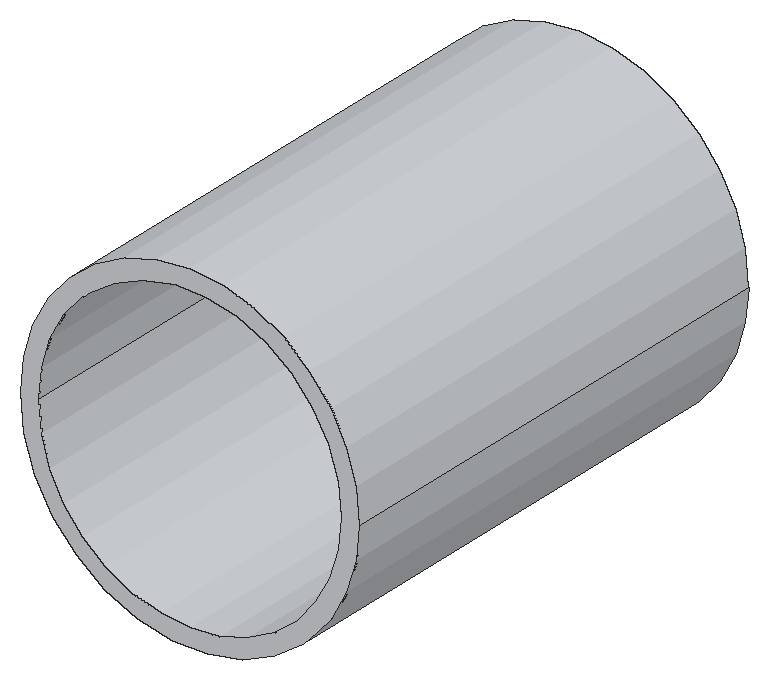
Revit family "CL25GA", category Generic Models, Revit 2017
Family settings
  Can host rebar = No
  Round Connector Dimension = Use Diameter
  Part Type = Normal
  Work Plane-Based = Yes
  Always vertical = No
  Cut with Voids When Loaded = No
  Shared = No
  Room Calculation Point = No
Parameters (values of type "NBS Standard Parameters")
  Weight = "0.0473Kg"
  WarrantyStartDate [instance] = "1900-12-31T23:59:59"
  WarrantyGuarantorParts = "n/a"
  WarrantyGuarantorLabor = "n/a"
  WarrantyDurationUnit = "1 year"
  WarrantyDurationParts = "n/a"
  WarrantyDurationLabor = "n/a"
  WarrantyDescription = "n/a"
  Version = "1"
  Uniclass2 = "Pr-65_30_11_20"
  TagNumber [instance] = "n/a"
  SustainabilityPerformance = "n/a"
  Size = "25mm"
  Shape = "Circular"
  SerialNumber [instance] = "n/a"
  Revision = "n/a"
  ReplacementCost = "n/a"
  ProductInformation = ""
  NominalWidth = 28 mm
  NominalLength = 28 mm
  NominalHeight = 40 mm
  Name = ""
  NBSTypeID = ""
  NBSReference = "90-55-10/460"
  NBSOfficeMasterTag = ""
  NBSNote = ""
  NBSDescription = "Conduit Fittings"
  NBSCertification = ""
  ModelReference = "CL25GA"
  ModelNumber = "n/a"
  Material = "Steel"
  ManufacturerURL = "www.metpro.co.uk"
  ManufacturerName = "Metpro Ltd"
  InstallationDate [instance] = "1900-12-31T23:59:59"
  IfcExportType = ""
  IfcExportAs = ""
  Grade = "n/a"
  Finish = "Galvanised"
  Features = "n/a"
  ExpectedLife = "n/a"
  DurationUnit = "year"
  Description = "CL25GA - 25mm Conduit Solid Coupler-Conlok"
  Default Elevation = 1219.2 mm
  Constituents = "n/a"
  Color = "n/a"
  CodePerformance = "n/a"
  Category = "n/a"
  BarCode [instance] = "n/a"
  BIMObjectName = "Metpro_metprolibrary_conduitfittings_metalcomponent_steelaccessories"
  Author = "Metpro Ltd"
  AssetType = ""
  AssetIdentifier [instance] = "n/a"
  AccessibilityPerformance = "n/a"
Reference planes
  plane 1 "Center (Front/Back)": y = 0
  plane 2: z = 0
  plane 3 "Center (Left/Right)": x = 0
Forms (mm)
  Extrusion 1, solid
    sketch origin (224, 5.586, 25.952) x (-1, 0, 0) y (0, 0, 1)
      loop
        circle (210, 20) r 12.5
      loop
        circle (210, 20) r 14
    from 0 to 40
Dimensions and locks
  aligned and locked: level to plane 2
